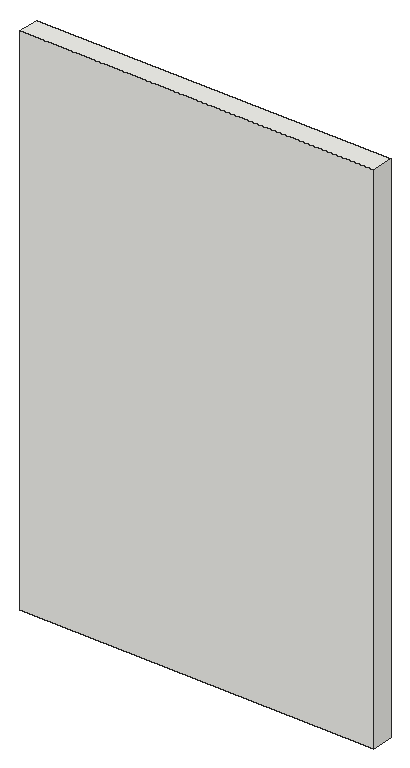
Revit family "M_Painel sólido", category Painéis cortina, Revit 2019
Family settings
  Número OmniClass = 23.25.20.14.11.11.17
  Título OmniClass = Infill Panels
  ID de item do Seek = Solid Panel-0000-CAN-ENU
  Sempre na vertical = Sim
  Corte com vazios quando carregada = Não
  Compartilhado = Não
Parameters (values of type "Painel sólido")
  Visual Light Transmittance = 0
  Solar Heat Gain Coefficient = 0
  ID do tipo de construção = ""
  Material = Aço, acabamento de pintura, marfim, fosco
  Deslocamento = 125.00 mm
  Espessura = 100.00 mm
  Coeficiente de transferência de calor (U) = 3.7021 W/(m²·K)
  Construção analítica = Metal
Reference planes
  plane 1: y = 0
  plane 2: z = 0
  plane 3: x = 0
  plane 4: x = -831.877
  plane 5: x = 831.877
  plane 6: z = 2438.4
  plane 7: y = 125
  plane 8: y = 25
Forms (mm)
  Extrusion 1, solid, material "Aço, acabamento de pintura, marfim, fosco" <- "Material"
    sketch origin (0, 0, 0) x (1, 0, 0) y (0, 1, 0)
      loop
        line (-831.877, 25) -> (831.877, 25) -> (831.877, 125) -> (-831.877, 125) -> (-831.877, 25)
    from 0 to 2438.4
Lines and regions (mm)
  symbolic lines, style "Material do painel 1"
    curve 1: line (831.877, 125, 0) -> (-831.877, 125, 0)
    curve 2: line (831.877, 25, 0) -> (831.877, 125, 0)
    curve 3: line (-831.877, 25, 0) -> (831.877, 25, 0)
    curve 4: line (-831.877, 125, 0) -> (-831.877, 25, 0)
Text (mm)
  text "Exterior" at (-1654.078, 797.241, 0), in view "Linha base"
Dimensions and locks
  equal spacing: plane 4, plane 3, plane 5
  "Deslocamento": plane 1 to plane 7
  "Espessura": plane 8 to plane 7
  aligned and locked: plane 5 to Extrusion 1 sketch curve
  aligned and locked: Extrusion 1 sketch curve to plane 5
  aligned and locked: Extrusion 1 to level
  aligned and locked: Extrusion 1 to plane 6
Automatic sketch dimensions
  Extrusion 1 sketch curve to plane 4 = 0.00 mm
  Extrusion 1 sketch curve to plane 8 = 0.00 mm
  Extrusion 1 sketch curve to plane 7 = 0.00 mm
  curve 1 to plane 4 = 0.00 mm
  curve 3 to plane 5 = 0.00 mm
  curve 3 to plane 8 = 0.00 mm
  curve 2 to plane 7 = 0.00 mm
